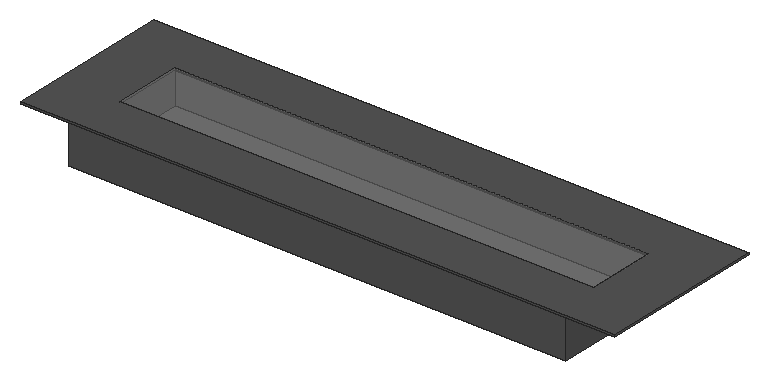
Revit family "Fireplace_Electric_HeatNGlo_SimpliFire-Wall", category Generic Models, host Face, Revit 2015
Parameters (values of type "75x11 Viewing Area")
  Warranty Duration (Years) = 0
  Unit Width = 7' - 9 3/4"
  Unit Weight = 0
  Unit Height = 2' - 2 3/8"
  URL = "http://www.heatnglo.com/"
  Test Data = ""
  Standards Conformance = "CSA"
  Specification = "http://www.arcat.com/sdspecs/htm04/10_31_08hng.htm"
  SpecWizard = ""
  Send Message = "http://www.arcat.com/users.pl?action=UserEmail&amp;company=Heat+and+Glo<sup><small></small></sup>&amp;coid=33011&amp;rep=144&amp;fax=&amp;mf=95"
  Sales Information = "http://www.heatnglo.com/Contact-Us.aspx"
  Revision = "R1_2014-11"
  Rear Width = 6' - 6 3/8"
  Rear Height = 1' - 8 1/4"
  Product Properties = ""
  Product Data = "http://www.arcat.com/arcatcos/cos33/arc33011.html"
  Opening Width = 6' - 2 13/16"
  Opening Height = 0' - 11"
  Mounting Height [instance] = 2' - 0"
  Model = "SF-WM94"
  Manufacturer Website = "http://www.heatnglo.com/"
  Manufacturer Phone - Toll Free = "800-669-HEAT (4328)"
  Manufacturer Phone = ""
  Manufacturer Fax = ""
  Manufacturer Address = "7571 215th St. W.  Lakeville, MN 55044"
  Manufacturer = "Heat & Glo"
  Maintenance Schedule (Months) = 0
  Keynote = "10305"
  Installation-Fabrication = ""
  Installation Phase = ""
  HVAC_BTU Output = 4800.0 Btu/h
  Green Building-LEED = ""
  Glazing Tint [instance] = Glass - HeatNGlo - Clear
  Fixture Finish [instance] = Metal - HeatNGlo - Black
  Expected Lifespan (Years) = 0
  Electrical_Wattage = 1500 W
  Electrical_Voltage = 120 V
  Electrical_Phase = 1
  Electrical_Frequency = 60 Hz
  Electrical_Amperage = 12.5 A
  Drawn By = "Sumex Design, Inc. / Robert S. Weygant, CSI, CDT, SCIP"
  Description = "Heat & Glo Electric Fireplace - SimpliFire SF-WM94 as Specified"
  Offset from Wall = 0' - 6"
  Default Elevation = 0' - 0"
  Copyright = "©Arcat Inc."
  Construction Details = "http://www.arcat.com/details/heatnglo/heatnglo.html?coid=33011"
  Building Codes = ""
  Offset from Top = 0' - 7 11/16"
  Assembly Code = "D3020"
Types (4): name | Unit Width | Unit Height | Rear Width | Rear Height | Opening Width | Opening Height | Model | Description | Offset from Wall | Offset from Top
  75x11 Viewing Area | 7' - 9 3/4" | 2' - 2 3/8" | 6' - 6 3/8" | 1' - 8 1/4" | 6' - 2 13/16" | 0' - 11" | "SF-WM94" | "Heat & Glo Electric Fireplace - SimpliFire SF-WM94 as Specified" | 0' - 6" | 0' - 7 11/16"
  51x11 Viewing Area | 5' - 10 3/32" | 2' - 2 3/8" | 4' - 6 3/4" | 1' - 8 1/4" | 4' - 3 3/16" | 0' - 11" | "SF-WM70" | "Heat & Glo Electric Fireplace - SimpliFire SF-WM70 as Specified" | 0' - 6" | 0' - 7 11/16"
  40x11 Viewing Area | 4' - 10 1/4" | 2' - 2 3/8" | 3' - 6 15/16" | 1' - 8 1/4" | 3' - 3 3/8" | 0' - 11" | "SF-WM58" | "Heat & Glo Electric Fireplace - SimpliFire SF-WM58 as Specified" | 0' - 6" | 0' - 7 11/16"
  29x9 Viewing Area | 3' - 1 13/16" | 1' - 4 15/16" | 2' - 8 1/4" | 1' - 1 5/8" | 2' - 4 3/8" | 0' - 8 1/4" | "SF-WM38" | "Heat & Glo Electric Fireplace - SimpliFire SF-WM38 as Specified" | 0' - 4 7/8" | 0' - 3 15/16"
Reference planes (in)
  plane 1 "X": y = -15.59483
  plane 2: z = 0
  plane 3 "Center (Left/Right)": x = 0
  plane 4 "FF": y = -39.59483
  plane 5: y = 4.65517
  plane 6: y = 10.78017
  plane 7: x = -46.875
  plane 8: x = 46.875
  plane 9: z = 6.25
  plane 10: x = -39.1875
  plane 11: x = 39.1875
  plane 12: y = 3.09267
  plane 13: y = -7.90733
  plane 14: x = -37.40625
  plane 15: x = 37.40625
  plane 16: z = 6
Forms (in)
  Extrusion 1, solid, material "Metal - HeatNGlo - Black" <- "Fixture Finish"
    sketch origin (0, -41.82228, 6.25) x (0, -1, 0) y (1, 0, 0)
      loop
        line (-46.47745, -39.1875) -> (-26.22745, -39.1875) -> (-26.22745, 39.1875) -> (-46.47745, 39.1875) -> (-46.47745, -39.1875)
      loop
        line (-44.91495, -37.40625) -> (-33.91495, -37.40625) -> (-33.91495, 37.40625) -> (-44.91495, 37.40625) -> (-44.91495, -37.40625)
    from -0.25 to -6.25
  Extrusion 2, solid, material "Metal - HeatNGlo - Black" <- "Fixture Finish"
    sketch origin (0, -41.82228, 6.25) x (0, -1, 0) y (1, 0, 0)
      loop
        line (-52.60245, -46.875) -> (-26.22745, -46.875) -> (-26.22745, 46.875) -> (-52.60245, 46.875) -> (-52.60245, -46.875)
      loop
        line (-44.91495, -37.40625) -> (-33.91495, -37.40625) -> (-33.91495, 37.40625) -> (-44.91495, 37.40625) -> (-44.91495, -37.40625)
    from 0 to -0.25
  Extrusion 3, solid, material "Metal - HeatNGlo - Black" <- "Fixture Finish"
    sketch origin (0, 0, 0) x (1, 0, 0) y (0, 1, 0)
      loop
        line (-37.40625, 3.09267) -> (-37.40625, -7.90733) -> (37.40625, -7.90733) -> (37.40625, 3.09267) -> (-37.40625, 3.09267)
    from 0 to 0.93551
  Extrusion 4, solid, material "Glass - HeatNGlo - Clear" <- "Glazing Tint"
    sketch origin (0, 0, 0) x (1, 0, 0) y (0, 1, 0)
      loop
        line (-37.40625, 3.09267) -> (-37.40625, -7.90733) -> (37.40625, -7.90733) -> (37.40625, 3.09267) -> (-37.40625, 3.09267)
    from 6 to 6.25
Dimensions and locks (in)
  "Mounting Height": plane 1 "X" to plane 4 "FF"
  equal spacing: plane 7, plane 3 "Center (Left/Right)", plane 8
  "Unit Width": plane 7 to plane 8
  equal spacing: plane 10, plane 3 "Center (Left/Right)", plane 11
  "Rear Width": plane 10 to plane 11
  equal spacing: plane 14, plane 3 "Center (Left/Right)", plane 15
  "Opening Width": plane 14 to plane 15
  "Offset from Top": plane 6 to plane 12
  "Opening Height": plane 12 to plane 13
  "Rear Height": plane 1 "X" to plane 5
  "Unit Height": plane 1 "X" to plane 6
  "Offset from Wall": plane 16 to level
  locked: plane 16 to plane 9 at 0.25
  aligned and locked: plane 2 to host face
  aligned and locked: level to host face
  aligned and locked: Extrusion 1 sketch curve to plane 5
  aligned and locked: Extrusion 1 to level
  aligned and locked: Extrusion 2 sketch curve to plane 8
  aligned and locked: plane 7 to Extrusion 2 sketch curve
  aligned and locked: Extrusion 2 sketch curve to plane 6
  aligned and locked: plane 10 to Extrusion 1 sketch curve
  aligned and locked: Extrusion 1 sketch curve to plane 11
  aligned and locked: Extrusion 2 sketch curve to plane 12
  aligned and locked: plane 14 to Extrusion 2 sketch curve
  aligned and locked: Extrusion 2 sketch curve to plane 13
  aligned and locked: Extrusion 2 sketch curve to plane 15
  aligned and locked: Extrusion 1 sketch curve to Extrusion 2  (x3)
  aligned and locked: Extrusion 1 sketch curve to plane 15
  aligned and locked: Extrusion 3 sketch curve to Extrusion 1  (x4)
  aligned and locked: Extrusion 4 sketch curve to Extrusion 1  (x4)
  aligned and locked: plane 9 to Extrusion 4
  aligned and locked: plane 16 to Extrusion 4
Automatic sketch dimensions
  host sketch curve to host sketch curve = 8' - 0"  (x2)
  plane 1 "X" to Extrusion 2 sketch curve = 0' - 0"
  plane 1 "X" to Extrusion 1 sketch curve = 0' - 0"
Connectors (in)
  electrical at (0, -5.46983, 0), driven by "Electrical_Voltage", driven by "Electrical_Phase"
    settings: on Extrusion 1, index 1, voltage 120 V, apparent load 0 VA, apparent load phase1 0 VA, apparent load phase2 0 VA, apparent load phase3 0 VA, power factor 1, load classification "Other", number of poles 1, system type 31, power factor state 1, is connector primary yes, connector utility no, sub classification motor no, connector description ""
